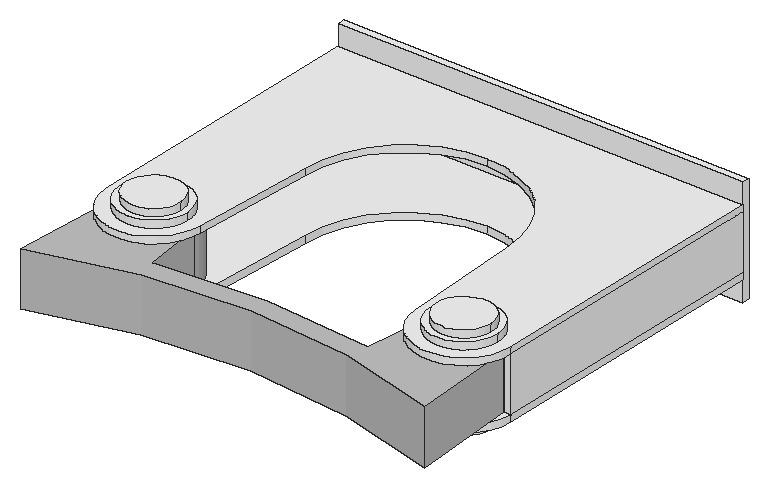
Revit family "Toolflex pidike", category Casework, Revit 2015
Parameters (values of type "1509")
  wall_part_depth = 50 mm
  rubber_part = harmaa kumi
  plastic_part = valkoinen muovi
  edge_height = 3 mm
  edge_depth = 1 mm
  URL = "http://www.korpinen.com/"
  NominalLength = 0 mm
  NominalHeight = 0 mm
  NominalDepth = 0 mm
  Model = "Toolflex-pidike"
  Manufacturer = "Korpinen"
  Keynote = "1509"
  IfcExportType = ""
  IfcExportAs = ""
  IfcClassification = ""
  Depth = 60 mm
  Height = 16 mm
  Width = 60 mm
  Author = "ProdLib Oy"
Reference planes
  plane 1 "Back": y = -549.6
  plane 2: z = 0
  plane 3 "Center (Left/Right)": x = 18.738
  plane 4 "Left": x = -11.262
  plane 5 "Right": x = 48.738
  plane 6 "Front": y = -609.6
  plane 7 "Top": z = 16
  plane 8: y = -550.6
  plane 9: x = 47.738
  plane 10: x = -10.262
  plane 11: z = 13
  plane 12: z = 3
  plane 13: y = -600.6
  plane 14: y = -586.6
  plane 15: x = -4.262
  plane 16: x = 41.738
  plane 17: y = -593.6
  plane 18: z = 12
  plane 19: z = 4
  plane 20: y = -560.6
  plane 21: y = -575.6
  plane 22: y = -560.6
  plane 23: y = -575.6
  plane 24: y = -602.6
  plane 25: x = 2.738
  plane 26: x = 34.738
  plane 27: x = -9.262
  plane 28: x = 46.738
  plane 29: x = -9.262
  plane 30: x = 46.738
  plane 31: x = -9.262
  plane 32: x = 46.738
  plane 33: z = 14
  plane 34: z = 2
  plane 35: z = 15
  plane 36: z = 1
  plane 37: x = 45.738
  plane 38: x = -8.262
Forms (mm)
  Extrusion 1, solid, material "valkoinen muovi" <- "plastic_part"
    sketch origin (0, -609.6, 0) x (1, 0, 0) y (0, 0, 1)
      loop
        line (-11.262, 16) -> (-11.262, 0) -> (48.738, 0) -> (48.738, 16) -> (-11.262, 16)
    from -60 to -59
  Extrusion 2, solid, material "valkoinen muovi" <- "plastic_part"
    sketch origin (0, 0, 0) x (1, 0, 0) y (0, 1, 0)
      loop
        line (-11.262, -550.6) -> (-11.262, -593.6)
        arc (-11.262, -593.6) -> (-4.292, -600.602) -> (2.742, -593.664) r 7.002
        line (2.742, -593.664) -> (3.738, -575.6)
        arc (3.738, -575.6) -> (8.131, -564.993) -> (18.738, -560.6) r 15
        arc (18.738, -560.6) -> (29.344, -564.993) -> (33.738, -575.6) r 15
        line (33.738, -575.6) -> (34.734, -593.664)
        arc (34.734, -593.664) -> (41.767, -600.602) -> (48.738, -593.6) r 7.002
        line (48.738, -593.6) -> (48.738, -550.6) -> (-11.262, -550.6)
      loop
        circle (-4.26, -593.6) r 5.002
      loop
        circle (41.736, -593.6) r 5.002
    from 12 to 13
  Extrusion 3, solid, material "valkoinen muovi" <- "plastic_part"
    sketch origin (0, 0, 0) x (1, 0, 0) y (0, 1, 0)
      loop
        line (-11.262, -550.6) -> (-11.262, -593.6)
        arc (-11.262, -593.6) -> (-4.292, -600.602) -> (2.742, -593.664) r 7.002
        line (2.742, -593.664) -> (3.738, -575.6)
        arc (3.738, -575.6) -> (8.131, -564.993) -> (18.738, -560.6) r 15
        arc (18.738, -560.6) -> (29.344, -564.993) -> (33.738, -575.6) r 15
        line (33.738, -575.6) -> (34.734, -593.664)
        arc (34.734, -593.664) -> (41.767, -600.602) -> (48.738, -593.6) r 7.002
        line (48.738, -593.6) -> (48.738, -550.6) -> (-11.262, -550.6)
      loop
        circle (-4.26, -593.6) r 5.002
      loop
        circle (41.736, -593.6) r 5.002
    from 3 to 4
  Extrusion 4, solid, material "valkoinen muovi" <- "plastic_part"
    sketch origin (0, 0, 0) x (1, 0, 0) y (0, 1, 0)
      loop
        line (47.738, -550.6) -> (47.738, -593.6) -> (48.738, -593.6) -> (48.738, -550.6) -> (47.738, -550.6)
      loop
        line (-10.262, -550.6) -> (-11.262, -550.6) -> (-11.262, -593.6) -> (-10.262, -593.6) -> (-10.262, -550.6)
    from 4 to 12
  Extrusion 5, solid, material "harmaa kumi" <- "rubber_part"
    sketch origin (0, 0, 0) x (1, 0, 0) y (0, 1, 0)
      loop
        line (-10.262, -593.6) -> (-11.262, -609.6)
        arc (-11.262, -609.6) -> (18.738, -604.404) -> (48.738, -609.6) r 89.196
        line (48.738, -609.6) -> (47.738, -593.6)
        arc (47.738, -593.6) -> (41.738, -587.6) -> (35.738, -593.6) r 6
        line (35.738, -593.6) -> (34.738, -602.6)
        arc (34.738, -602.6) -> (18.738, -601.435) -> (2.738, -602.6) r 110.415
        line (2.738, -602.6) -> (1.738, -593.6)
        arc (1.738, -593.6) -> (-4.262, -587.6) -> (-10.262, -593.6) r 6
      loop
        circle (-4.262, -593.6) r 5
      loop
        circle (41.738, -593.6) r 5
    from 4 to 12
  Extrusion 6, solid, material "valkoinen muovi" <- "plastic_part"
    sketch origin (0, 0, 0) x (1, 0, 0) y (0, 1, 0)
      loop
        circle (41.738, -593.6) r 5
      loop
        circle (-4.262, -593.6) r 5
    from 2 to 14
  Extrusion 7, solid, material "valkoinen muovi" <- "plastic_part"
    sketch origin (0, 0, 0) x (1, 0, 0) y (0, 1, 0)
      loop
        circle (41.738, -593.6) r 4
      loop
        circle (-4.262, -593.6) r 4
    from 1 to 15
Lines and regions (mm)
  symbolic lines
    curve 1: line (-11.262, -549.6, 0) -> (48.738, -549.6, 0)
    curve 2: line (48.738, -549.6, 0) -> (48.738, -593.6, 0)
    curve 3: line (-11.262, -549.6, 0) -> (-11.262, -593.6, 0)
    curve 4: arc (-11.262, -593.6, 0) -> (-4.26, -600.602, 0) -> (2.742, -593.6, 0) r 7.002
    curve 5: arc (48.738, -593.6, 0) -> (41.736, -600.602, 0) -> (34.733, -593.6, 0) r 7.002
    curve 6: line (2.742, -593.6, 0) -> (3.767, -574.79, 0)
    curve 7: line (34.733, -593.6, 0) -> (33.716, -574.79, 0)
    curve 8: spline (33.716, -574.79, 0) -> (33.206, -571.117, 0) -> (31.71, -567.695, 0) -> (29.33, -564.756, 0) -> (26.229, -562.501, 0) -> (22.617, -561.084, 0) -> (18.741, -560.6, 0) -> (14.866, -561.084, 0) -> (11.254, -562.501, 0) -> (8.153, -564.756, 0) -> (5.773, -567.695, 0) -> (4.277, -571.117, 0) -> (3.767, -574.79, 0)
    curve 9: arc (-8.262, -593.6, 0) -> (-4.262, -597.6, 0) -> (-0.262, -593.6, 0) r 4
    curve 10: arc (-0.262, -593.6, 0) -> (-4.262, -589.6, 0) -> (-8.262, -593.6, 0) r 4
    curve 11: arc (-9.262, -593.6, 0) -> (-4.262, -588.6, 0) -> (0.738, -593.6, 0) r 5
    curve 12: arc (0.738, -593.6, 0) -> (-4.262, -598.6, 0) -> (-9.262, -593.6, 0) r 5
    curve 13: arc (45.738, -593.6, 0) -> (41.738, -589.6, 0) -> (37.738, -593.6, 0) r 4
    curve 14: arc (37.738, -593.6, 0) -> (41.738, -597.6, 0) -> (45.738, -593.6, 0) r 4
    curve 15: arc (36.738, -593.6, 0) -> (41.738, -588.6, 0) -> (46.738, -593.6, 0) r 5
    curve 16: arc (46.738, -593.6, 0) -> (41.738, -598.6, 0) -> (36.738, -593.6, 0) r 5
    curve 17: arc (-11.262, -609.6, 0) -> (18.738, -604.404, 0) -> (48.738, -609.6, 0) r 89.196
    curve 18: arc (34.738, -602.6, 0) -> (18.738, -601.435, 0) -> (2.738, -602.6, 0) r 110.415
    curve 19: line (-11.262, -609.6, 0) -> (-10.465, -596.845, 0)
    curve 20: line (2.738, -602.6, 0) -> (2.07, -596.593, 0)
    curve 21: line (48.738, -609.6, 0) -> (47.941, -596.845, 0)
    curve 22: line (34.738, -602.6, 0) -> (35.405, -596.593, 0)
    curve 23: line (48.738, -550.6, 16) -> (48.738, -549.6, 16)
    curve 24: line (48.738, -549.6, 16) -> (48.738, -549.6, 0)
    curve 25: line (48.738, -549.6, 0) -> (48.738, -550.6, 0)
    curve 26: line (48.738, -550.6, 0) -> (48.738, -550.6, 16)
    curve 27: line (48.738, -550.6, 12) -> (48.738, -609.6, 12)
    curve 28: line (48.738, -609.6, 12) -> (48.738, -609.6, 4)
    curve 29: line (48.738, -609.6, 4) -> (48.738, -550.6, 4)
    curve 30: line (48.738, -600.6, 12) -> (48.738, -600.6, 13)
    curve 31: line (48.738, -600.6, 13) -> (48.738, -550.6, 13)
    curve 32: line (48.738, -600.6, 4) -> (48.738, -600.6, 3)
    curve 33: line (48.738, -600.6, 3) -> (48.738, -550.6, 3)
    curve 34: line (48.738, -598.6, 14) -> (48.738, -598.6, 13)
    curve 35: line (48.738, -598.6, 14) -> (48.738, -588.6, 14)
    curve 36: line (48.738, -588.6, 14) -> (48.738, -588.6, 13)
    curve 37: line (48.738, -597.6, 15) -> (48.738, -597.6, 14)
    curve 38: line (48.738, -597.6, 15) -> (48.738, -589.6, 15)
    curve 39: line (48.738, -589.6, 15) -> (48.738, -589.6, 14)
    curve 40: line (48.738, -598.6, 2) -> (48.738, -598.6, 3)
    curve 41: line (48.738, -598.6, 2) -> (48.738, -588.6, 2)
    curve 42: line (48.738, -588.6, 2) -> (48.738, -588.6, 3)
    curve 43: line (48.738, -589.6, 1) -> (48.738, -589.6, 2)
    curve 44: line (48.738, -589.6, 1) -> (48.738, -597.6, 1)
    curve 45: line (48.738, -597.6, 1) -> (48.738, -597.6, 2)
    curve 46: line (48.738, -593.6, 12) -> (48.738, -593.6, 4)
    curve 47: line (-11.262, -609.6, 16) -> (48.738, -609.6, 16)
    curve 48: line (48.738, -609.6, 16) -> (48.738, -609.6, 0)
    curve 49: line (48.738, -609.6, 0) -> (-11.262, -609.6, 0)
    curve 50: line (-11.262, -609.6, 0) -> (-11.262, -609.6, 16)
    curve 51: line (-11.262, -609.6, 12) -> (48.738, -609.6, 12)
    curve 52: line (48.738, -609.6, 4) -> (-11.262, -609.6, 4)
    curve 53: line (-11.262, -609.6, 13) -> (48.738, -609.6, 13)
    curve 54: line (48.738, -609.6, 3) -> (-11.262, -609.6, 3)
    curve 55: line (-9.262, -609.6, 13) -> (-9.262, -609.6, 14)
    curve 56: line (-9.262, -609.6, 14) -> (0.738, -609.6, 14)
    curve 57: line (0.738, -609.6, 14) -> (0.738, -609.6, 13)
    curve 58: line (-8.262, -609.6, 15) -> (-8.262, -609.6, 14)
    curve 59: line (-8.262, -609.6, 15) -> (-0.262, -609.6, 15)
    curve 60: line (-0.262, -609.6, 15) -> (-0.262, -609.6, 14)
    curve 61: line (-9.262, -609.6, 3) -> (-9.262, -609.6, 2)
    curve 62: line (-9.262, -609.6, 2) -> (0.738, -609.6, 2)
    curve 63: line (0.738, -609.6, 2) -> (0.738, -609.6, 3)
    curve 64: line (-8.262, -609.6, 1) -> (-8.262, -609.6, 2)
    curve 65: line (-8.262, -609.6, 1) -> (-0.262, -609.6, 1)
    curve 66: line (-0.262, -609.6, 1) -> (-0.262, -609.6, 2)
    curve 67: line (36.733, -609.6, 13) -> (36.733, -609.6, 14)
    curve 68: line (36.733, -609.6, 14) -> (46.738, -609.6, 14)
    curve 69: line (46.738, -609.6, 14) -> (46.738, -609.6, 13)
    curve 70: line (45.738, -609.6, 15) -> (45.738, -609.6, 14)
    curve 71: line (45.738, -609.6, 15) -> (37.738, -609.6, 15)
    curve 72: line (37.738, -609.6, 15) -> (37.738, -609.6, 14)
    curve 73: line (36.733, -609.6, 3) -> (36.733, -609.6, 2)
    curve 74: line (36.733, -609.6, 2) -> (46.738, -609.6, 2)
    curve 75: line (46.738, -609.6, 2) -> (46.738, -609.6, 3)
    curve 76: line (37.738, -609.6, 1) -> (37.738, -609.6, 2)
    curve 77: line (37.738, -609.6, 1) -> (45.738, -609.6, 1)
    curve 78: line (45.738, -609.6, 1) -> (45.738, -609.6, 2)
    curve 79: line (2.742, -609.6, 13) -> (2.742, -609.6, 12)
    curve 80: line (3.738, -609.6, 13) -> (3.738, -609.6, 12)
    curve 81: line (33.738, -609.6, 13) -> (33.738, -609.6, 12)
    curve 82: line (34.734, -609.6, 13) -> (34.734, -609.6, 12)
    curve 83: line (34.734, -609.6, 4) -> (34.734, -609.6, 3)
    curve 84: line (33.738, -609.6, 4) -> (33.738, -609.6, 3)
    curve 85: line (2.742, -609.6, 4) -> (2.742, -609.6, 3)
    curve 86: line (3.738, -609.6, 4) -> (3.738, -609.6, 3)
Dimensions and locks
  "Depth": plane 6 "Front" to plane 1 "Back"
  "Width": plane 4 "Left" to plane 5 "Right"
  equal spacing: plane 4 "Left", plane 3 "Center (Left/Right)", plane 5 "Right"
  "Height": level to plane 7 "Top"
  "edge_depth": plane 1 "Back" to plane 8
  "edge_depth": plane 9 to plane 5 "Right"
  "edge_depth": plane 4 "Left" to plane 10
  "edge_height": plane 7 "Top" to plane 11
  "edge_height": plane 12 to plane 2
  "wall_part_depth": plane 8 to plane 13
  locked: plane 14 to plane 13 at 14
  locked: plane 16 to plane 5 "Right" at 7
  locked: plane 4 "Left" to plane 15 at 7
  equal spacing: plane 14, plane 17, plane 13, locked at 7 each
  "edge_depth": plane 11 to plane 18
  "edge_depth": plane 19 to plane 12
  locked: plane 8 to plane 20 at 10
  locked: plane 20 to plane 21 at 15
  locked: plane 8 to plane 22 at 10
  locked: plane 22 to plane 23 at 15
  locked: plane 13 to plane 24 at 2
  locked: plane 15 to plane 25 at 7
  locked: plane 26 to plane 16 at 7
  locked: plane 27 to plane 15 at 5
  locked: plane 16 to plane 28 at 5
  locked: plane 29 to plane 15 at 5
  locked: plane 16 to plane 30 at 5
  locked: plane 31 to plane 15 at 5
  locked: plane 16 to plane 32 at 5
  locked: plane 33 to plane 11 at 1
  locked: plane 35 to plane 33 at 1
  locked: plane 12 to plane 34 at 1
  locked: plane 34 to plane 36 at 1
  locked: plane 16 to plane 37 at 4
  locked: plane 38 to plane 15 at 4
  aligned and locked: plane 2 to level
  aligned and locked: plane 4 "Left" to Extrusion 1 sketch curve  (x2)
  aligned and locked: plane 7 "Top" to Extrusion 1 sketch curve  (x2)
  aligned and locked: plane 2 to Extrusion 1 sketch curve  (x2)
  aligned and locked: plane 5 "Right" to Extrusion 1 sketch curve  (x2)
  aligned and locked: Extrusion 1 to plane 8
  aligned and locked: Extrusion 1 to plane 1 "Back"
  aligned and locked: plane 8 to Extrusion 2 sketch curve  (x2)
  aligned and locked: plane 4 "Left" to Extrusion 2 sketch curve  (x2)
  aligned and locked: plane 17 to Extrusion 2 sketch curve  (x6)
  aligned and locked: plane 21 to Extrusion 2 sketch curve  (x2)
  aligned and locked: plane 5 "Right" to Extrusion 2 sketch curve  (x2)
  aligned and locked: plane 11 to Extrusion 2
  aligned and locked: Extrusion 2 to plane 18
  aligned and locked: plane 8 to Extrusion 3 sketch curve
  aligned and locked: plane 17 to Extrusion 3 sketch curve  (x6)
  aligned and locked: plane 5 "Right" to Extrusion 3 sketch curve  (x2)
  aligned and locked: plane 4 "Left" to Extrusion 3 sketch curve  (x2)
  aligned and locked: Extrusion 3 sketch curve to plane 8
  aligned and locked: Extrusion 3 to plane 12
  aligned and locked: plane 19 to Extrusion 3
  aligned and locked: plane 23 to Extrusion 3 sketch curve  (x2)
  aligned and locked: plane 22 to Extrusion 3 sketch curve
  aligned and locked: plane 3 "Center (Left/Right)" to Extrusion 3 sketch curve
  aligned and locked: plane 9 to Extrusion 4 sketch curve  (x2)
  aligned and locked: plane 5 "Right" to Extrusion 4 sketch curve  (x2)
  aligned and locked: plane 8 to Extrusion 4 sketch curve  (x2)
  aligned and locked: plane 17 to Extrusion 4 sketch curve  (x4)
  aligned and locked: plane 4 "Left" to Extrusion 4 sketch curve
  aligned and locked: plane 10 to Extrusion 4 sketch curve
  aligned and locked: Extrusion 4 to plane 19
  aligned and locked: plane 18 to Extrusion 4
  aligned and locked: plane 17 to Extrusion 5 sketch curve  (x8)
  aligned and locked: plane 10 to Extrusion 5 sketch curve
  aligned and locked: plane 27 to Extrusion 5 sketch curve
  aligned and locked: plane 28 to Extrusion 5 sketch curve
  aligned and locked: plane 9 to Extrusion 5 sketch curve
  aligned and locked: plane 24 to Extrusion 5 sketch curve  (x2)
  aligned and locked: plane 26 to Extrusion 5 sketch curve
  aligned and locked: plane 25 to Extrusion 5 sketch curve
  aligned and locked: plane 6 "Front" to Extrusion 5 sketch curve  (x2)
  aligned and locked: plane 4 "Left" to Extrusion 5 sketch curve
  aligned and locked: plane 5 "Right" to Extrusion 5 sketch curve
  aligned and locked: Extrusion 5 to plane 19
  aligned and locked: plane 18 to Extrusion 5
  aligned and locked: plane 29 to Extrusion 2 sketch curve
  aligned and locked: plane 30 to Extrusion 2 sketch curve
  aligned and locked: plane 31 to Extrusion 3 sketch curve
  aligned and locked: plane 32 to Extrusion 3 sketch curve
  aligned and locked: plane 17 to Extrusion 6 sketch curve  (x4)
  aligned and locked: Extrusion 6 to plane 34
  aligned and locked: plane 33 to Extrusion 6
  aligned and locked: plane 38 to Extrusion 7 sketch curve
  aligned and locked: plane 37 to Extrusion 7 sketch curve
  aligned and locked: plane 17 to Extrusion 7 sketch curve  (x4)
  aligned and locked: plane 35 to Extrusion 7
  aligned and locked: Extrusion 7 to plane 36
Automatic sketch dimensions
  Extrusion 4 sketch curve to plane 8 = 0 mm
  Extrusion 5 sketch curve to Extrusion 5 sketch curve = 0 mm  (x2)
  Extrusion 5 sketch curve to plane 15 = 0 mm
  Extrusion 5 sketch curve to plane 16 = 0 mm
  plane 6 "Front" to Extrusion 5 sketch curve = 84 mm
  Extrusion 5 sketch curve to Extrusion 5 sketch curve = 18.25 mm
  Extrusion 2 sketch curve to Extrusion 2 sketch curve = 0 mm  (x2)
  Extrusion 2 sketch curve to plane 3 "Center (Left/Right)" = 0 mm
  Extrusion 2 sketch curve to plane 20 = 0 mm
  plane 15 to Extrusion 2 sketch curve = 0.002 mm
  Extrusion 2 sketch curve to plane 17 = 0.064 mm  (x2)
  Extrusion 2 sketch curve to plane 16 = 7.004 mm
  Extrusion 3 sketch curve to Extrusion 3 sketch curve = 0 mm  (x2)
  plane 15 to Extrusion 3 sketch curve = 0.002 mm
  Extrusion 3 sketch curve to plane 17 = 0.064 mm  (x2)
  Extrusion 3 sketch curve to plane 16 = 7.004 mm
  Extrusion 6 sketch curve to plane 15 = 0 mm
  Extrusion 6 sketch curve to plane 16 = 0 mm
  plane 10 to Extrusion 6 sketch curve = 1 mm
  Extrusion 6 sketch curve to plane 16 = 5 mm
  Extrusion 7 sketch curve to plane 15 = 0 mm
  Extrusion 7 sketch curve to plane 16 = 0 mm
  curve 9 to curve 11 = 0 mm  (x2)
  curve 13 to curve 15 = 0 mm  (x2)
  plane 1 "Back" to curve 1 = 0 mm
  curve 1 to plane 4 "Left" = 0 mm
  curve 19 to plane 4 "Left" = 0 mm
  curve 11 to plane 17 = 0 mm
  curve 10 to plane 15 = 0 mm
  curve 4 to plane 17 = 0 mm
  curve 18 to plane 3 "Center (Left/Right)" = 0 mm
  curve 17 to plane 3 "Center (Left/Right)" = 0 mm
  curve 7 to plane 17 = 0 mm
  curve 15 to plane 17 = 0 mm
  curve 14 to plane 16 = 0 mm
  curve 2 to plane 5 "Right" = 0 mm
  curve 21 to plane 5 "Right" = 0 mm
  plane 6 "Front" to curve 17 = 0 mm
  plane 15 to curve 4 = 0.002 mm
  curve 20 to plane 13 = 2 mm
  plane 15 to curve 20 = 7 mm
  plane 15 to curve 6 = 8.029 mm
  curve 7 to plane 16 = 8.022 mm
  plane 6 "Front" to curve 17 = 84 mm
  curve 18 to curve 17 = 18.25 mm
  plane 14 to curve 7 = 11.81 mm
  curve 19 to plane 10 = 0.203 mm
  plane 10 to curve 11 = 1 mm
  curve 12 to curve 10 = 1 mm
  curve 20 to plane 17 = 2.993 mm
  curve 22 to plane 13 = 2 mm
  curve 22 to plane 17 = 2.993 mm
  curve 7 to curve 22 = 0.672 mm
  curve 5 to curve 15 = 2.004 mm
  curve 15 to curve 14 = 1 mm
  plane 9 to curve 21 = 0.203 mm
  curve 23 to plane 1 "Back" = 0 mm
  plane 7 "Top" to curve 23 = 0 mm
  curve 23 to plane 8 = 0 mm
  curve 35 to plane 33 = 0 mm
  curve 42 to plane 12 = 0 mm
  curve 42 to plane 34 = 0 mm
  curve 36 to plane 11 = 0 mm
  curve 39 to plane 35 = 0 mm
  curve 44 to plane 36 = 0 mm
  curve 46 to plane 17 = 0 mm
  curve 30 to plane 13 = 0 mm
  curve 33 to plane 13 = 0 mm
  curve 29 to plane 6 "Front" = 0 mm
  curve 25 to level = 0 mm
  curve 32 to plane 19 = 0 mm
  curve 27 to plane 18 = 0 mm
  curve 35 to plane 14 = 2 mm
  curve 42 to plane 14 = 2 mm
  curve 35 to curve 39 = 1 mm
  curve 41 to curve 44 = 1 mm
  plane 13 to curve 45 = 3 mm
  plane 13 to curve 37 = 3 mm
  curve 37 to curve 34 = 1 mm
  curve 45 to curve 40 = 1 mm
  plane 4 "Left" to curve 47 = 0 mm
  curve 55 to plane 11 = 0 mm
  curve 55 to plane 33 = 0 mm
  curve 62 to plane 34 = 0 mm
  curve 61 to plane 12 = 0 mm
  curve 58 to plane 35 = 0 mm
  curve 64 to plane 36 = 0 mm
  curve 79 to plane 18 = 0 mm
  curve 86 to plane 19 = 0 mm
  curve 68 to plane 33 = 0 mm
  curve 74 to plane 34 = 0 mm
  curve 71 to plane 35 = 0 mm
  curve 77 to plane 36 = 0 mm
  plane 5 "Right" to curve 51 = 0 mm
  curve 49 to level = 0 mm
  curve 48 to plane 7 "Top" = 0 mm
  plane 10 to curve 55 = 1 mm
  plane 10 to curve 62 = 1 mm
  curve 55 to curve 58 = 1 mm
  curve 61 to curve 64 = 1 mm
  plane 15 to curve 60 = 4 mm
  plane 15 to curve 66 = 4 mm
  curve 60 to curve 56 = 1 mm
  curve 66 to curve 63 = 1 mm
  curve 68 to plane 16 = 5.004 mm
  curve 74 to plane 16 = 5.004 mm
  curve 67 to curve 71 = 1.004 mm
  curve 73 to curve 77 = 1.004 mm
  curve 71 to plane 9 = 2 mm
  curve 77 to plane 9 = 2 mm
  curve 68 to plane 9 = 1 mm
  curve 75 to plane 9 = 1 mm
  curve 57 to curve 79 = 2.004 mm
  curve 63 to curve 85 = 2.004 mm
  curve 85 to curve 86 = 0.996 mm
  curve 79 to curve 80 = 0.996 mm
  curve 81 to curve 67 = 2.996 mm
  curve 84 to curve 73 = 2.996 mm
  curve 81 to curve 82 = 0.996 mm
  curve 84 to curve 83 = 0.996 mm
